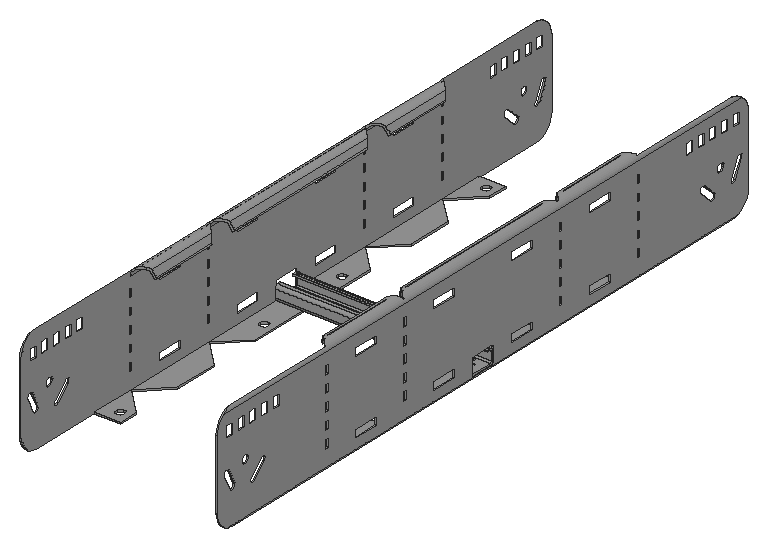
Revit family "Multifunktionsverbinder", category Generic Models, Revit 2017 (continued)
Dimensions and locks
  locked: cut or joined group 1 (Extrusion 3, Extrusion 5, Extrusion 7, Extrusion 9, Extrusion 11, Extrusion 13, Extrusion 15, Extrusion 17, Extrusion 19, Extrusion 21, Extrusion 23, Extrusion 25, Extrusion 26, Extrusion 27, Extrusion 28, Extrusion 29, Extrusion 30, Extrusion 31, Extrusion 32, Extrusion 33, Extrusion 35, Extrusion 36, Extrusion 37, Extrusion 38, Extrusion 39, Extrusion 41, Extrusion 42, Extrusion 43, Extrusion 44, Extrusion 45, Extrusion 48, Extrusion 49, Extrusion 50, Extrusion 51, Extrusion 52, Extrusion 53, Extrusion 54, Extrusion 55, Extrusion 56, Extrusion 57, Extrusion 58, Extrusion 59, Extrusion 60, Extrusion 61, Extrusion 62, Extrusion 66, Extrusion 67, Extrusion 68, Extrusion 69, Extrusion 70, Extrusion 71, Extrusion 72, Extrusion 73, Extrusion 74, Extrusion 75, Extrusion 76, Extrusion 77, Extrusion 78, Extrusion 79, Extrusion 80, Extrusion 81, Extrusion 82, Extrusion 83, Extrusion 84, Extrusion 85, Extrusion 90, Extrusion 91, Extrusion 96, Extrusion 97, Extrusion 98, Extrusion 99, Extrusion 104, Extrusion 112, Extrusion 117, Extrusion 122, Extrusion 127, Extrusion 128, Extrusion 129, Extrusion 130, Extrusion 131, Extrusion 132, Extrusion 133, Extrusion 138) to cut or joined group 2 (Extrusion 2, Extrusion 4, Extrusion 6, Extrusion 8, Extrusion 10, Extrusion 12, Extrusion 14, Extrusion 16, Extrusion 18, Extrusion 20, Extrusion 22, Extrusion 24, Extrusion 26, Extrusion 27, Extrusion 28, Extrusion 29, Extrusion 30, Extrusion 31, Extrusion 32, Extrusion 33, Extrusion 41, Extrusion 71, Extrusion 83, Extrusion 84, Extrusion 85, Extrusion 86, Extrusion 87, Extrusion 88, Extrusion 89, Extrusion 90, Extrusion 91, Extrusion 92, Extrusion 93, Extrusion 94, Extrusion 95, Extrusion 96, Extrusion 99, Extrusion 100, Extrusion 101, Extrusion 102, Extrusion 103, Extrusion 104, Extrusion 105, Extrusion 106, Extrusion 107, Extrusion 108, Extrusion 109, Extrusion 110, Extrusion 111, Extrusion 112, Extrusion 113, Extrusion 114, Extrusion 115, Extrusion 116, Extrusion 117, Extrusion 118, Extrusion 119, Extrusion 120, Extrusion 121, Extrusion 122, Extrusion 123, Extrusion 124, Extrusion 125, Extrusion 126, Extrusion 127, Extrusion 128, Extrusion 130, Extrusion 131, Extrusion 132, Extrusion 133, Extrusion 134, Extrusion 135, Extrusion 136, Extrusion 137, Extrusion 138) at 14.848
  equal spacing: group 40, group 41, group 42, group 43, group 44  (x3)
  group 49 to group 50 = 0 mm  (x2)
  group 49 to group 50 = 75 mm
  locked: cut or joined group 1 to cut or joined group 1 at 4  (x3)
  locked: cut or joined group 1 to cut or joined group 2 at 24.887
  equal spacing: group 51, group 52, group 53, group 54, group 55  (x2)
  equal spacing: group 55, group 54, group 53, group 52, group 51
  locked: cut or joined group 1 to plane 72 at 4.5
  equal spacing: group 56, group 57, group 58, group 59, group 60  (x2)
  equal spacing: group 60, group 59, group 58, group 57, group 56
  locked: cut or joined group 1 to plane 58 at 4.5
  locked: cut or joined group 2 to cut or joined group 1 at 15.887
  locked: cut or joined group 2 to cut or joined group 1 at 34.013
  equal spacing: group 61, group 62, group 63, group 64, group 65  (x2)
  equal spacing: group 65, group 64, group 63, group 62, group 61
  locked: plane 89 to plane 93 at 25
  locked: plane 91 to plane 94 at 25
  Extrusion 127 sketch curve to plane 93 = 4.057 mm
  locked: plane 91 to Extrusion 127 sketch curve at 19.309
  locked: Extrusion 127 sketch curve to Extrusion 127 sketch curve at 7.042
  locked: plane 96 to plane 99 at 25
  locked: plane 98 to plane 97 at 25
  plane 99 to Extrusion 128 sketch curve = 3.044 mm
  Extrusion 128 sketch curve to plane 97 = 19.736 mm
  locked: Extrusion 128 sketch curve to Extrusion 128 sketch curve at 7
  locked: cut or joined group 2 to cut or joined group 2 at 7
  locked: cut or joined group 2 to cut or joined group 2 at 7.042
  plane 89 to cut or joined group 2 = 19.255 mm
  plane 89 to cut or joined group 2 = 19.578 mm
  locked: plane 100 to plane 103 at 25
  locked: plane 101 to plane 104 at 25
  locked: Extrusion 130 sketch curve to Extrusion 130 sketch curve at 7
  locked: plane 87 to Extrusion 130 sketch curve at 19.512
  locked: plane 105 to plane 108 at 25
  locked: plane 109 to plane 107 at 25
  locked: Extrusion 131 sketch curve to Extrusion 131 sketch curve at 7
  locked: plane 105 to Extrusion 131 sketch curve at 19.449
  locked: cut or joined group 1 to cut or joined group 1 at 7  (x2)
  locked: plane 87 to cut or joined group 1 at 19.449
  locked: plane 87 to cut or joined group 1 at 19.512
  locked: plane 111 to cut or joined group 2 at 13
  plane 110 to cut or joined group 2 = 10 mm
  Extrusion 134 sketch curve to cut or joined group 2 = 5.5 mm
  cut or joined group 1 to plane 85 = 10 mm
  group 67 to group 68 = 0 mm  (x2)
  group 67 to group 68 = 185 mm
  locked: cut or joined group 2 to plane 118 at 12.5
  locked: plane 119 to cut or joined group 1 at 12.5
  locked: cut or joined group 2 to cut or joined group of Extrusion 1, Extrusion 138, Extrusion 139 at 5.736
  locked: cut or joined group 1 to cut or joined group of Extrusion 1, Extrusion 138, Extrusion 139 at 5.736
  cut or joined group 2 to plane 120 "72.9" = 96.371 mm
  cut or joined group of Extrusion 1, Extrusion 138, Extrusion 139 to cut or joined group of Extrusion 1, Extrusion 138, Extrusion 139 = 16.994 mm
  locked: cut or joined group of Extrusion 1, Extrusion 138, Extrusion 139 to cut or joined group of Extrusion 1, Extrusion 138, Extrusion 139 at 16.994
  locked: plane 122 to plane 120 "72.9" at 10
  locked: plane 120 "72.9" to plane 121 at 10
  locked: Extrusion 139 sketch curve to Extrusion 139 sketch curve at 9
  locked: plane 123 to plane 122 at 20
  locked: plane 124 to plane 123 at 20
  locked: Extrusion 139 sketch curve to plane 124 at 5.5
  locked: plane 124 to Extrusion 139 sketch curve at 5.5
  locked: plane 121 to plane 125 at 20
  locked: Extrusion 139 sketch curve to Extrusion 139 sketch curve at 7
  Extrusion 139 sketch curve to plane 125 = 3.5 mm
  locked: Extrusion 139 sketch curve to Extrusion 139 sketch curve at 11
  locked: Extrusion 139 sketch curve to plane 126 at 5.547
  locked: plane 125 to plane 126 at 20
  locked: Extrusion 139 sketch curve to Extrusion 139 sketch curve at 11.153
  diameter of Extrusion 79 sketch curve = 9 mm
  diameter of Extrusion 80 sketch curve = 9 mm
  diameter of Extrusion 81 sketch curve = 9 mm
  diameter of Extrusion 82 sketch curve = 9 mm
  diameter of Extrusion 83 sketch curve = 9 mm
  diameter of Extrusion 84 sketch curve = 9 mm
  diameter of cut or joined group 1 = 9 mm  (x2)
  diameter of Extrusion 134 sketch curve = 9 mm
  diameter of Extrusion 135 sketch curve = 9 mm
  diameter of Extrusion 136 sketch curve = 9 mm
  diameter of Extrusion 137 sketch curve = 9 mm
  diameter of Extrusion 138 sketch curve = 5.5 mm  (x2)
  angle Extrusion 2 sketch curve to plane 12 = 20.00°
  locked: Extrusion 2 sketch curve to plane 12 (angle 20.00°)
  locked: plane 16 to plane 6 (angle 20.00°)
  aligned and locked: level to plane 2
  aligned and locked: plane 6 to Extrusion 1
  aligned and locked: Extrusion 3 to plane 6
  aligned and locked: Extrusion 2 to Extrusion 3
  aligned and locked: Extrusion 3 to Extrusion 2
  aligned and locked: level to Extrusion 3
  aligned and locked: Extrusion 4 sketch curve to level
  aligned and locked: Extrusion 2 to Extrusion 4
  aligned and locked: plane 3 "Center (Left/Right)" to Extrusion 4
  aligned and locked: level to Extrusion 5 sketch curve
  aligned and locked: Extrusion 5 to cut or joined group 2  (x3)
  aligned and locked: Extrusion 5 to level
  aligned and locked: Extrusion 3 to Extrusion 5  (x2)
  aligned and locked: cut or joined group 2 to Extrusion 6 sketch curve
  aligned and locked: Extrusion 6 sketch curve to cut or joined group 2
  aligned and locked: Extrusion 6 sketch curve to plane 3 "Center (Left/Right)"
  aligned and locked: plane 20 to Extrusion 6 sketch curve
  aligned and locked: Extrusion 2 to Extrusion 6
  aligned and locked: Extrusion 6 to Extrusion 2
  aligned and locked: Extrusion 7 sketch curve to cut or joined group 1
  aligned and locked: Extrusion 7 to Extrusion 3
  aligned and locked: level to Extrusion 7
  aligned and locked: cut or joined group 2 to Extrusion 8 sketch curve
  aligned and locked: Extrusion 8 sketch curve to cut or joined group 2
  aligned and locked: Extrusion 2 to Extrusion 8
  aligned and locked: Extrusion 9 sketch curve to cut or joined group 1  (x2)
  aligned and locked: cut or joined group 1 to Extrusion 9 sketch curve
  aligned and locked: Extrusion 9 to Extrusion 3
  aligned and locked: plane 28 to Extrusion 10 sketch curve
  aligned and locked: Extrusion 10 sketch curve to plane 29
  aligned and locked: Extrusion 11 to Extrusion 3
  aligned and locked: Extrusion 2 to Extrusion 10
  aligned and locked: Extrusion 8 to Extrusion 10
  aligned and locked: Extrusion 12 sketch curve to plane 35
  aligned and locked: Extrusion 12 sketch curve to plane 34
  aligned and locked: Extrusion 2 to Extrusion 12
  aligned and locked: Extrusion 11 sketch curve to plane 36
  aligned and locked: Extrusion 11 sketch curve to plane 37
  aligned and locked: Extrusion 13 sketch curve to plane 39
  aligned and locked: Extrusion 13 sketch curve to plane 38
  aligned and locked: Extrusion 14 sketch curve to plane 41
  aligned and locked: Extrusion 14 sketch curve to plane 42
  aligned and locked: Extrusion 14 sketch curve to plane 3 "Center (Left/Right)"
  aligned and locked: Extrusion 15 sketch curve to plane 43
  aligned and locked: plane 42 to Extrusion 15 sketch curve
  aligned and locked: Extrusion 16 sketch curve to plane 42
  aligned and locked: cut or joined group 2 to Extrusion 16 sketch curve
  aligned and locked: Extrusion 16 sketch curve to plane 3 "Center (Left/Right)"
  aligned and locked: Extrusion 16 sketch curve to plane 44
  aligned and locked: Extrusion 16 to Extrusion 2
  aligned and locked: Extrusion 2 to Extrusion 16
  aligned and locked: Extrusion 17 sketch curve to plane 44
  aligned and locked: Extrusion 17 sketch curve to cut or joined group 1  (x2)
  aligned and locked: Extrusion 17 sketch curve to plane 42
  aligned and locked: Extrusion 17 to Extrusion 3
  aligned and locked: Extrusion 3 to Extrusion 17
  aligned and locked: Extrusion 18 sketch curve to cut or joined group 2
  aligned and locked: Extrusion 18 sketch curve to plane 46
  aligned and locked: Extrusion 18 sketch curve to plane 45
  aligned and locked: Extrusion 2 to Extrusion 18  (x2)
